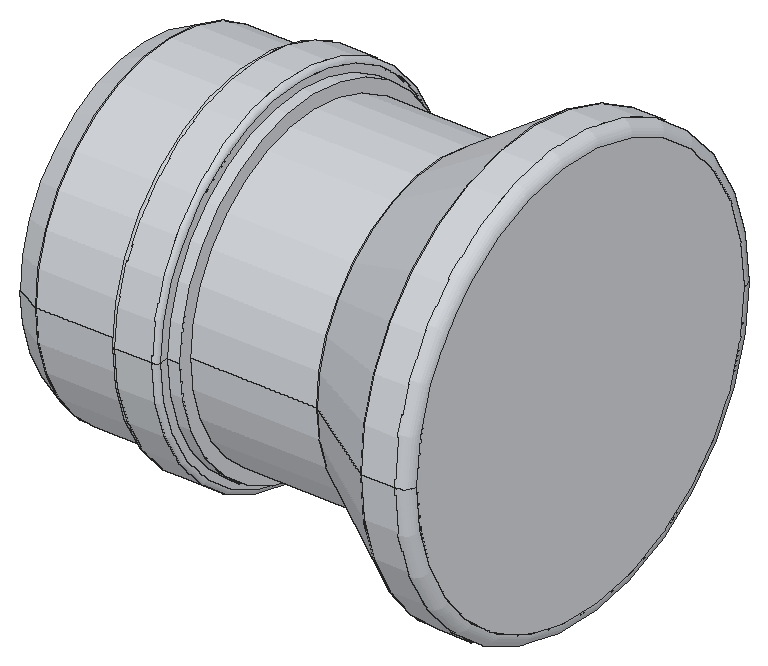
Revit family "RAUPIANO PLUS Closet Connection Short", category Pipe Accessories, Revit 2012
Parameters (values of type "Standard")
  Rad 2 [instance] = Rad 1 - LC3  # 72.6 mm
  Rad 1 [instance] = (2 / 3 * LC1) + re 1  # 77 mm
  Pressure Drop [instance] = 0.00 psi
  Lookup Table Name = "RAUPIANO Closet Connection.csv"
  LC3 [instance] = Nominal Radius 1 * 0.08  # 4.4 mm
  LC2 [instance] = Nominal Radius 1 * 0.3  # 16.5 mm
  LC1 [instance] = Nominal Radius 1 * 0.6  # 33 mm
  L2 [instance] = 120 mm  # constant formula
  L [instance] = 150 mm  # constant formula
  tmin 1 [instance] = size_lookup("RAUPIANO Pipe.csv", "tmin", 0 mm, Nominal Diameter 1)  # 55.6 mm
  re 1 [instance] = de 1 / 2  # 55 mm
  de 1 [instance] = size_lookup("RAUPIANO Pipe.csv", "de", 0 mm, Nominal Diameter 1)  # 110 mm
  bmin 1 [instance] = size_lookup("RAUPIANO Pipe.csv", "bmin", 0 mm, Nominal Diameter 1)  # 4.5 mm
  Type Comments = "RAU-PP; Push-fit; White"  # constant formula
  Thermal expansion coefficient [instance] = "0,09 mm/m.K"  # constant formula
  Temperature resistance [instance] = "90°C (continuous), 95°C (short term)"  # constant formula
  T1 = "DN 110, length 150mm"
  Spec Text [instance] = if(D = 110 mm, T1, Fail)  # "DN 110, length 150mm"
  Pressure resistance [instance] = "1 bar (100 kPa, 10m)"  # constant formula
  Materialcode SAP [instance] = if(D = 110 mm, M1, Fail)  # "11216341001"
  Manufacturer = "REHAU"  # constant formula
  M1 = "11216341001"
  Loss Method = Not Defined
  K Coefficient Table = "Converging/Diverging Tee/Wye"
  Health and environmental impact [instance] = "Halogen-free (no F, Cl, Br, J) and 100% recyclable"  # constant formula
  Fire load [instance] = "14.992 kJ/kg"  # constant formula
  Fire behaviour [instance] = "B2 (DIN 4102); D,S3-d0 (EN 13501-1)"  # constant formula
  Fail = "No article found"
  Description = "REHAU RAUPIANO PLUS closet connection"  # constant formula
  D [instance] = Nominal Diameter 1  # 110 mm
  Class [instance] = "SN4"  # constant formula
  Chemical resistance [instance] = "pH 2 - 12"  # constant formula
  Belt Thickness 1 [instance] = Dmax 1 / 2 - Sleeve Radius 1  # 4.5 mm
  Belt Radius 1 [instance] = (Dmax 1 / 2 - Sleeve Radius 1) / 2.5  # 1.8 mm
  Belt Length 1 [instance] = (3 mm / 10 mm) * tmin 1  # 16.68 mm
  Sleeve Radius 1 [instance] = (Dmax 1 + de 1) / 4  # 59.5 mm
  Sleeve Length 1 [instance] = tmin 1 + bmin 1  # 60.1 mm
  Nominal Radius 1 [instance] = 55 mm  # constant formula
  Nominal Diameter 1 [instance] = Nominal Radius 1 * 2  # 110 mm
  Dmax 1 [instance] = size_lookup("RAUPIANO Pipe.csv", "Dmax", 0 mm, Nominal Diameter 1)  # 128 mm
  Article No [instance] = if(D = 110 mm, A1, Fail)  # "121634-001"
  Application [instance] = "Not to be exposed to UV-radiation"  # constant formula
  Acoustic properties [instance] = "Rw + Ctr 42 (with industry standard suspended ceiling)"  # constant formula
  A1 = "121634-001"
Reference planes
  plane 1 "Center (Front/Back)": y = 0
  plane 2: z = 0
  plane 3 "Center (Left/Right)": x = 0
  plane 4: x = 27.75
  plane 5: x = -17.15
  plane 6: x = -72.75
  plane 7: x = 77.25
  plane 8: x = -77.25
  plane 9: x = -68.25
  plane 10: x = 60.75
  plane 11: x = 44.25
  plane 12: x = 72.85
Forms (mm)
  Extrusion 1, solid, detail levels fine
    sketch origin (-17.15, 298.262, 1219.2) x (0, 1, 0) y (0, 0, 1)
      loop
        circle (-298.262, -1219.2) r 55
    from 0 to 44.9
  Extrusion 2, solid, detail levels fine
    sketch origin (-17.15, 298.262, 1219.2) x (0, 1, 0) y (0, 0, 1)
      loop
        circle (-298.262, -1219.2) r 59.5
    from 0 to -51.1
  Extrusion 3, solid, detail levels fine
    sketch origin (27.75, 298.262, 1219.2) x (0, 1, 0) y (0, 0, 1)
      loop
        circle (-298.262, -1219.2) r 77
    from 33 to 49.5
  Blend 4, solid, detail levels fine
    base sketch origin (27.75, 298.262, 1219.2) x (0, 1, 0) y (0, 0, 1)
      loop
        circle (-298.262, -1219.2) r 55
    top sketch origin (27.75, 298.262, 1219.2) x (0, 1, 0) y (0, 0, 1)
      loop
        circle (-298.262, -1219.2) r 77
    from 0 to 33
  Blend 5, solid, detail levels fine
    base sketch origin (-77.25, 58.829, 1219.2) x (0, 1, 0) y (0, 0, 1)
      loop
        circle (-58.829, -1219.2) r 55
    top sketch origin (-77.25, 58.829, 1219.2) x (0, 1, 0) y (0, 0, 1)
      loop
        circle (-58.829, -1219.2) r 59.5
    from 0 to 9
  Revolve 6, solid, detail levels fine
    sketch origin (0, 0, 0) x (1, 0, 0) y (0, 1, 0)
      loop
        line (-38.33, -59.5) -> (-38.33, -62.2)
        arc (-38.33, -62.2) -> (-37.803, -63.473) -> (-36.53, -64) r 1.8
        line (-36.53, -64) -> (-23.45, -64)
        arc (-23.45, -64) -> (-22.177, -63.473) -> (-21.65, -62.2) r 1.8
        line (-21.65, -62.2) -> (-21.65, -59.5) -> (-38.33, -59.5)
      axis (-21.65, 0) -> (-38.33, 0)
    angle from 0 to 360
  Revolve 7, void
    sketch origin (0, 0, 0) x (1, 0, 0) y (0, 1, 0)
      loop
        line (77.25, 72.6) -> (122.85, 72.6) -> (122.85, 122.6) -> (72.85, 122.6) -> (72.85, 77)
        arc (72.85, 77) -> (75.961, 75.711) -> (77.25, 72.6) r 4.4
      axis (122.85, 0) -> (72.85, 0)
    angle from 0 to 360
Cuts and joins
  Revolve 7 cuts Extrusion 3
Lines and regions (mm)
  model lines, detail levels coarse+medium
    curve 1: line (-77.25, 0, 0) -> (77.25, 0, 0)
    curve 2: line (-77.25, 55, 0) -> (-77.25, -55, 0)
    curve 3: line (77.25, 55, 0) -> (77.25, -55, 0)
  model lines, style "Symbol", detail levels coarse+medium
    curve 4: line (-77.25, 0, 55) -> (-77.25, 0, -55)
    curve 5: line (77.25, 0, 55) -> (77.25, 0, -55)
Dimensions and locks
  "tmin 1": plane 6 to plane 5
  equal spacing: plane 8, plane 6, plane 9
  "bmin 1": plane 6 to plane 9
  equal spacing: plane 4, plane 11, plane 10
  "Belt Thickness 1": Revolve 6 sketch curve to Revolve 6 sketch curve
  "Sleeve Radius 1": Revolve 6 sketch curve to plane 1 "Center (Front/Back)"
  "bmin 1": Revolve 6 sketch curve to plane 5
  "Belt Length 1": Revolve 6 sketch curve to Revolve 6 sketch curve
  equal spacing: curve 2, plane 1 "Center (Front/Back)", curve 2
  "Nominal Radius 1": curve 2 to plane 1 "Center (Front/Back)"
  equal spacing: curve 3, plane 1 "Center (Front/Back)", curve 3
  "Nominal Radius 1": plane 1 "Center (Front/Back)" to curve 3
  "LC1": plane 4 to plane 10
  "LC2": plane 10 to plane 7
  equal spacing: plane 8, plane 3 "Center (Left/Right)", plane 7
  "L": plane 6 to plane 7
  "LC3": plane 12 to plane 7
  Revolve 7 sketch curve to Revolve 7 sketch curve = 50 mm  (x2)
  "Rad 2": plane 1 "Center (Front/Back)" to Revolve 7 sketch curve
  equal spacing: curve 4, level, curve 4
  "Nominal Radius 1": curve 4 to level
  equal spacing: curve 5, level, curve 5
  "Nominal Radius 1": curve 5 to level
  "re 1": radius of Extrusion 1 sketch curve
  "Sleeve Radius 1": radius of Extrusion 2 sketch curve
  "Rad 1": radius of Extrusion 3 sketch curve
  "re 1": radius of Blend 4 sketch curve
  "Rad 1": radius of Blend 4 sketch curve
  "re 1": radius of Blend 5 sketch curve
  "Sleeve Radius 1": radius of Blend 5 sketch curve
  "Belt Radius 1": radius of Revolve 6 sketch curve  (x2)
  aligned and locked: plane 2 to level
  aligned and locked: plane 5 to Extrusion 2
  aligned and locked: Extrusion 3 to plane 7
  aligned and locked: Extrusion 2 to plane 9
  aligned and locked: Extrusion 3 to plane 10
  aligned and locked: Blend 4 to plane 10
  aligned and locked: plane 9 to Blend 5
  aligned and locked: Revolve 6 sketch curve to Revolve 6 sketch curve
  aligned and locked: Revolve 6 sketch curve to plane 1 "Center (Front/Back)"
  aligned and locked: plane 8 to curve 1
  aligned and locked: plane 1 "Center (Front/Back)" to curve 1
  aligned and locked: curve 2 to plane 8
  aligned and locked: Extrusion 1 to plane 5
  aligned and locked: plane 4 to Extrusion 1
  aligned and locked: Revolve 7 sketch curve to plane 7
  aligned and locked: plane 12 to Revolve 7 sketch curve
  aligned and locked: Revolve 7 sketch curve to plane 1 "Center (Front/Back)"
  aligned and locked: curve 4 to plane 8
  aligned and locked: plane 7 to curve 5
Automatic sketch dimensions
  Extrusion 1 sketch curve to level = 0 mm
  Extrusion 1 sketch curve to plane 1 "Center (Front/Back)" = 0 mm
  Extrusion 2 sketch curve to level = 0 mm
  Extrusion 2 sketch curve to plane 1 "Center (Front/Back)" = 0 mm
  Extrusion 3 sketch curve to level = 0 mm
  Extrusion 3 sketch curve to plane 1 "Center (Front/Back)" = 0 mm
  Blend 4 sketch curve to level = 0 mm  (x2)
  Blend 4 sketch curve to plane 1 "Center (Front/Back)" = 0 mm  (x2)
  Blend 5 sketch curve to level = 0 mm  (x2)
  Blend 5 sketch curve to plane 1 "Center (Front/Back)" = 0 mm  (x2)
  Revolve 6 sketch curve to plane 8 = 1408 mm
  Revolve 6 sketch curve to plane 7 = 1413 mm
  curve 3 to plane 7 = 0 mm
  Revolve 7 sketch curve to plane 8 = 1397 mm
  Revolve 7 sketch curve to Revolve 7 sketch curve = 1351.5 mm
Connectors
  piping at (-77.25, 0, 0), driven by "Nominal Radius 1"
    settings: on Blend 5, index 1, connector radius 55 mm, flow factor 0, pipe flow 0 GPM, pressure drop 0.00 psi, fitting loss kfactor 0, connector angle 0.00°, fixture units 0, engagement length 0 mm, flow configuration 0, flow direction 2, fitting loss method 4, system type 16, joint type 0, gender type 0, connector reference index 3, connector utility 0, adjustable connector no, is connector primary yes, fitting loss table "", connector description ""
  piping at (77.25, 0, 0), driven by "Nominal Radius 1", driven by "Pressure Drop"
    settings: on Extrusion 3, index 3, connector radius 55 mm, flow factor 0, pipe flow 0 GPM, pressure drop 0.00 psi, fitting loss kfactor 0, connector angle 0.00°, fixture units 0, engagement length 0 mm, flow configuration 0, flow direction 1, fitting loss method 4, system type 16, joint type 0, gender type 0, connector reference index 1, connector utility 0, adjustable connector no, is connector primary no, fitting loss table "", connector description ""
